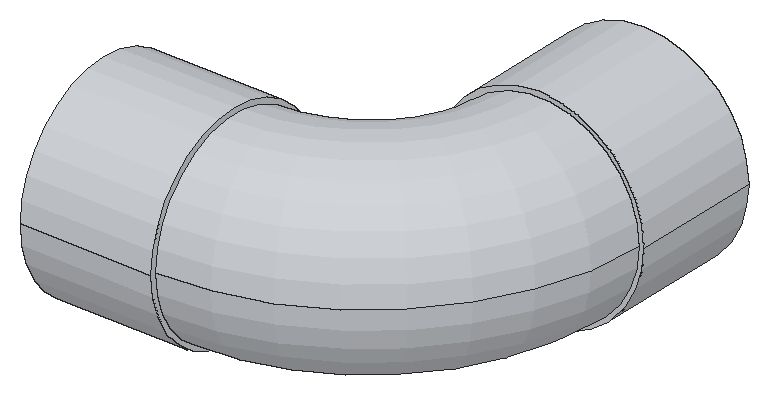
Revit family "Cotovelo - Soldado - CU", category Conexões de tubo, Revit 2019
Family settings
  Cota do conector redondo = Usar raio
  Tipo de parte = Cotovelo
  ID de item do Seek = Bend - PVC - Sch 40 - DWV-0000-CAN-ENU
  Com base no plano de trabalho = Não
  Sempre na vertical = Sim
  Corte com vazios quando carregada = Não
  Compartilhado = Não
Parameters (values of type "Padrão")
  Espessura da parede [instance] = size_lookup(Nome da tabela de pesquisa, "WThk", 0.01 * Diâmetro nominal + 0.4 mm, Diâmetro nominal)  # 0.7 mm
  Tamanho da marca de revisão [instance] = Diâmetro externo da conexão * 0.4  # 11.2 mm
  Raio externo do soquete [instance] = Diâmetro externo do soquete / 2  # 14.7 mm
  Diâmetro externo do soquete [instance] = Diâmetro nominal + 2 * Espessura da parede  # 29.4 mm
  Largura do soquete [instance] = size_lookup(Nome da tabela de pesquisa, "SWid", 0.47 * Diâmetro nominal + 4.2 mm, Diâmetro nominal)  # 18.4 mm
  Raio nominal [instance] = 14 mm
  Diâmetro nominal [instance] = Raio nominal * 2  # 28 mm
  Método de perda = Coeficiente K da tabela
  Nome da tabela de pesquisa = "BR_Elbow - Soldered - CU"
  Comprimento 3 [instance] = Centro para a extremidade - Largura do soquete  # 23.8 mm
  Comprimento 2 [instance] = (Comprimento 4 + Largura do soquete) * sin(Ângulo)  # 42.2 mm
  Comprimento 1 [instance] = (Comprimento 4 + Largura do soquete) * (1 + cos(Ângulo))  # 42.2 mm
  Tabela de coeficiente K = "Cotovelo regular 45, 90 e 180"
  Raio externo da conexão [instance] = Diâmetro externo da conexão / 2  # 14 mm
  Diâmetro externo da conexão [instance] = Diâmetro nominal  # 28 mm
  Comprimento 4 [instance] = if(Raio externo da conexão * tan(Ângulo / 2) > Comprimento 3, Raio externo da conexão * tan(Ângulo / 2) + 0.8 mm, Comprimento 3)  # 23.8 mm
  Centro para extremidade não encontrado [instance] = if(Ângulo 1 = 90.00°, 1.21 * Diâmetro nominal + 9.2 mm, 1.24 * Diâmetro nominal + 1.2 mm)  # 43.08 mm
  Centro para a extremidade [instance] = size_lookup(Nome da tabela de pesquisa, "CtE", 0.78 * Diâmetro nominal + 16.6 mm, Diâmetro nominal, Ângulo 1)  # 42.2 mm
  Raio Central [instance] = Comprimento 4 / tan(Ângulo / 2)  # 23.8 mm
  Ângulo 1 [instance] = if(Ângulo > 45.00°, 90.00°, 45.00°)  # 90.00°
  Ângulo [instance] = 90.00°
Reference planes
  plane 1 "Centro (frente/trás)": y = 0
  plane 2: z = 0
  plane 3 "Centro (direita/esquerda)": x = 0
  plane 4: x = -42.2
  plane 5: x = -23.8
  plane 6: y = 23.8
  plane 7: y = 42.2
  plane 8: x = 0
  plane 9: y = 11.2
  plane 10: y = -11.2
Forms (mm)
  Sweep 1, solid, detail levels fine
    path in 3D
      loop
        line (-42.2, 0, 0) -> (-23.8, 0, 0)
    profile origin (-33, 0, 0) x (0, 1, 0) y (0, 0, 1)
      loop
        circle (0, 0) r 14.7
  Sweep 2, solid, detail levels fine
    path in 3D
      loop
        arc (-23.8, 0, 0) -> (-6.971, 6.971, 0) -> (0, 23.8, 0) r 23.8
    profile origin (-6.971, 6.971, 0) x (-0.707107, 0.707107, 0) y (0, 0, 1)
      loop
        circle (0, 0) r 14
  Sweep 3, solid, detail levels fine
    path in 3D
      loop
        line (0, 42.2, 0) -> (0, 23.8, 0)
    profile origin (0, 33, 0) x (1, 0, 0) y (0, 0, 1)
      loop
        circle (0, 0) r 14.7
Cuts and joins
  joined: Sweep 1, Sweep 2, Sweep 3
Lines and regions (mm)
  model lines, detail levels coarse+medium
    curve 1: arc (-23.8, 0, 0) -> (-6.971, 6.971, 0) -> (0, 23.8, 0) r 23.8
    curve 2: line (-42.2, 0, 0) -> (-23.8, 0, 0)
    curve 3: line (0, 42.2, 0) -> (0, 23.8, 0)
    curve 7: line (0, 42.2, 0) -> (-11.2, 42.2, 0)
    curve 8: line (0, 42.2, 0) -> (11.2, 42.2, 0)
    curve 9: line (-42.2, 11.2, 0) -> (-42.2, -11.2, 0)
  sketch lines
    curve 4: line (-42.2, 0, 0) -> (-23.8, 0, 0)
    curve 5: arc (-23.8, 0, 0) -> (-6.971, 6.971, 0) -> (0, 23.8, 0) r 23.8
    curve 6: line (0, 42.2, 0) -> (0, 23.8, 0)
Dimensions and locks
  "Largura do soquete": plane 4 to plane 5
  "Raio Central": plane 6 to plane 1 "Centro (frente/trás)"
  "Comprimento 2": plane 1 "Centro (frente/trás)" to plane 7
  "Comprimento 4": plane 5 to plane 3 "Centro (direita/esquerda)"
  "Comprimento 1": plane 4 to plane 8
  "Largura do soquete": curve 3 to curve 3
  "Tamanho da marca de revisão": plane 9 to plane 1 "Centro (frente/trás)"
  equal spacing: plane 9, plane 1 "Centro (frente/trás)", plane 10
  "Tamanho da marca de revisão": curve 7 to curve 7
  "Tamanho da marca de revisão": curve 8 to curve 8
  "Raio externo do soquete": radius of Sweep 1 sketch curve
  "Raio externo da conexão": radius of Sweep 2 sketch curve
  "Raio externo do soquete": radius of Sweep 3 sketch curve
  "Ângulo": angle curve 1 to curve 1
  "Ângulo": angle plane 7 to curve 3
  locked: curve 7 to curve 3 (angle 90.00°)
  locked: curve 3 to curve 8 (angle 90.00°)
  aligned and locked: plane 6 to curve 1
  aligned and locked: plane 1 "Centro (frente/trás)" to curve 1
  aligned and locked: plane 4 to curve 2
  aligned and locked: plane 1 "Centro (frente/trás)" to curve 2
  aligned and locked: plane 8 to curve 8
  aligned and locked: plane 7 to curve 8
  aligned and locked: plane 9 to curve 9
  aligned and locked: curve 9 to plane 10
  aligned and locked: curve 9 to plane 4
Automatic sketch dimensions
  Sweep 1 sketch curve to profile plane = 0 mm  (x2)
  Sweep 2 sketch curve to profile plane = 0 mm
  profile plane to Sweep 2 sketch curve = 0 mm
  Sweep 3 sketch curve to profile plane = 0 mm  (x2)
Connectors
  piping at (-42.2, 0, 0), diameter 28, driven by "Raio nominal", driven by "Ângulo"
    settings: on cut or joined group of Sweep 1, Sweep 2, Sweep 3, index 1, connector inside diameter 28 mm, connector length 0 mm, flow factor 0, pipe flow 0.0 L/s, pressure drop 0.0 Pa, fitting loss kfactor 0, connector angle 90.00°, fixture units 0, engagement length 0 mm, angle of deflection 0.00°, flow configuration 0, flow direction 0, fitting loss method 0, system type 28, joint type 0, gender type 0, connector reference index 2, connector utility 0, adjustable connector no, is connector primary yes, connector description ""
  piping at (0, 42.2, 0), diameter 28, driven by "Raio nominal", driven by "Ângulo"
    settings: on cut or joined group of Sweep 1, Sweep 2, Sweep 3, index 2, connector inside diameter 28 mm, connector length 0 mm, flow factor 0, pipe flow 0.0 L/s, pressure drop 0.0 Pa, fitting loss kfactor 0, connector angle 90.00°, fixture units 0, engagement length 0 mm, angle of deflection 0.00°, flow configuration 0, flow direction 0, fitting loss method 0, system type 28, joint type 0, gender type 0, connector reference index 1, connector utility 0, adjustable connector no, is connector primary no, connector description ""
